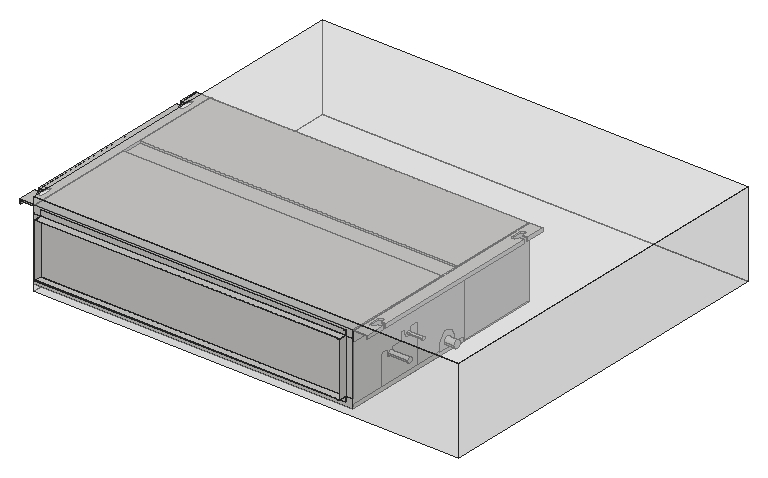
Revit family "outputfile", category 機械設備, Revit 2024
Family settings
  丸型コネクタ寸法 = 半径を使用
  パーツ タイプ = 標準
  OmniClass 番号 = 23.75.10.24.21.27.27
  OmniClass タイトル = Split System Air Conditioning Units
  作業面ベース = いいえ
  常に垂直 = はい
  ロード時にボイドで切り取り = いいえ
  注釈の向きを維持 = いいえ
  共有 = いいえ
  部屋計算ポイント = はい
Parameters (values of type "FDKS50CVMB")
  Description = ""
  書き出し IFC クラス(タイプ) = "IfcUnitaryEquipmentType"
  定義済み IFC タイプ(タイプ) = "AIRCONDITIONINGUNIT"
  Cost = 0
  Type Comments = ""
  Keynote = ""
  Type Image = (empty or 0)
  Assembly Code = ""
  switch_frequency = yes
  ld_powersupply = Depth / 2  # 310.0 mm
  製造元 = "Daikin"
  モデル = "FDKS50CVMB"
  r_Liquid Pipe Size = Liquid Pipe Size / 2  # 3.2 mm
  r_Gas Pipe Size = Gas Pipe Size / 2  # 6.35 mm
  r_Drain Pipe Size = Drain Pipe Size / 2  # 10.0 mm
  lw_powersupply = 50.0 mm  # constant formula
  lw_ductflange2 = 820.0 mm
  lw_Width = 860.0 mm
  lh_suctionflange [instance] = 100.0 mm  # constant formula
  ld_suctionflange [instance] = if(Rear Connection_Return Air, 190.0 mm, 100.0 mm)  # 190.0 mm
  connector_voltage = Voltage_50Hz  # 230 V
  connector_powerinput = [Power Input (Cooling)]  # 0.000 kW
  connector_phase = Phase_50Hz  # 1
  angle_vertical_RA [instance] = if(Rear Connection_Return Air, 90.00°, 0.00°)  # 90.00°
  angle horizontal_RA [instance] = if(Rear Connection_Return Air, 180.00°, 270.00°)  # 180.00°
  Voltage_comment_50Hz = "220 - 240"
  Voltage_50Hz = 230 V
  URL = ""
  Supply Air Direction [instance] = yes
  Sound Power Level_H speed (dB) = 0
  Rear Connection_Return Air [instance] = not(Bottom Connection_Return Air)  # yes
  RA_length [instance] = if(Rear Connection_Return Air, 190.0 mm, 100.0 mm)  # 190.0 mm
  Phase_50Hz = 1
  Minimum External Static Pressure = 0.00 Pa
  Minimum Circuit Amps_50Hz = 0.0 A
  Maximum Fuse Amps_50Hz = 0.0 A
  Maximum External Static Pressure = 40.00 Pa
  Material_Casing = DAIKIN_GalvanizedSteel_Casing_indoorunit
  lw_liquidpipe = 46.0 mm  # constant formula
  lw_gaspipe = 57.0 mm  # constant formula
  lw_mountinghole = 940.0 mm
  lw_drainpipe = 30.0 mm  # constant formula
  lh_powersupply = 150.0 mm  # constant formula
  lh_liquidpipe = 90.0 mm  # constant formula
  lh_gaspipe = 113.0 mm  # constant formula
  lh_mountinghole = Height  # 200.0 mm
  lh_drainpipe = 170.0 mm  # constant formula
  lh_antena = 1.0 mm  # constant formula
  ld_liquidpipe = 193.0 mm  # constant formula
  ld_gaspipe = 130.0 mm  # constant formula
  ld_mountinghole = 500.0 mm  # constant formula
  ld_drainpipe = 330.0 mm  # constant formula
  ld_controlbox = 626.0 mm  # constant formula
  h*** = 0.0 mm  # constant formula
  d_dischargeflange = 21.2 mm  # constant formula
  Width = 900.0 mm
  Version = "ver.1.0"
  Unit Type = "Duct (L.S.P)"
  Unit Mass Weight = 27.00 kg
  Unit Designation [instance] = ""
  Uniclass2015Version = "Products v1.30"
  Uniclass2015Title = "Split coil room air conditioning units"
  Uniclass2015Code = "Pr_70_65_03_86"
  Total Cooling Capacity [instance] = 0.000 kW
  Sound Pressure Level_M speed (dBA) = 35
  Sound Pressure Level_L speed (dBA) = 33
  Sound Pressure Level_H speed (dBA) = 37
  Series = "Multi Split_Fan Coil Unit"
  Sensible Cooling Capacity [instance] = 0.000 kW
  SA Duct Size Width = 860.0 mm
  SA Duct Size Height = 153.0 mm
  Refrigerant Type = "R410A"
  RA Duct Size Width = 780.0 mm
  RA Duct Size Height = 160.0 mm
  Power Input (Cooling) = 0.000 kW
  Option Accessory 3 [instance] = ""
  Option Accessory 2 [instance] = ""
  Option Accessory 1 [instance] = ""
  Nominal Cooling Capacity = 5.000 kW
  Minimum Airflow = 600.00 m³/h
  Median Airflow = 660.00 m³/h
  Maximum Airflow = 720.00 m³/h
  Load Classification = HVAC
  Liquid Pipe Size = 6.4 mm
  Link_Nested Family [instance] = ""
  IfcVersion = ""
  IfcExportType = "AIRCONDITIONINGUNIT"
  IfcExportAs = "IfcUnitaryEquipmentType"
  Height = 200.0 mm
  Heat Exchanger Type = "Cross Fin Coil"
  Gas Pipe Size = 12.7 mm
  Frequency_50Hz = 50 Hz
  Fan Type = "Sirocco Fan"
  Fan Drive = "Direct Drive"
  FCU Tag No. [instance] = ""
  Drain Pipe Size = 20.0 mm
  Design Supply Airflow [instance] = 0.00 m³/h
  Design Return Airflow [instance] = 0.00 m³/h
  Design External Static Pressure [instance] = 0.00 Pa
  Depth = 620.0 mm
  既定の高さ = 0.0 mm
  Cooling Entering Wet Bulb Temperature [instance] = 0.00 °C
  Cooling Entering Dry Bulb Temperature [instance] = 0.00 °C
  Cooling Ambient Wet Bulb Temperature [instance] = 0.00 °C
  Cooling Ambient Dry Bulb Temperature [instance] = 0.00 °C
  Clearance visibility [instance] = yes
  Clearance Top = 20.0 mm
  Clearance Right = 300.0 mm
  Clearance Rear = 400.0 mm
  Clearance Left = 0.0 mm
  Clearance Front = 0.0 mm
  Clearance Bottom = 20.0 mm
  Bottom Connection_Return Air [instance] = no
Reference planes
  plane 1 "Center (Front/Back)": y = 0
  plane 2: z = 0
  plane 3 "Center (Left/Right)": x = 0
  plane 4 "Back": y = 310
  plane 5 "Front": y = -310
  plane 6 "Left": x = -450
  plane 7 "Right": x = 450
  plane 8 "Top": z = 0
  plane 9 "Bottom": z = -200
  plane 10: x = -470
  plane 11: x = 470
  plane 12: y = 250
  plane 13: z = 0
  plane 14 "Clearance Left": x = -450
  plane 15 "Clearance Right": x = 750
  plane 16 "Clearance Rear": y = 710
  plane 17 "Clearance Front": y = -310
  plane 18 "Clearance Top": z = 20
  plane 19 "Clearance Bottom": z = -220
  plane 20: y = -250
  plane 21: z = -21
  plane 22: z = -97.5
  plane 23: x = -40
  plane 24: y = 120
  plane 25: z = -100
  plane 26: y = -180
  plane 27: z = -113
  plane 28: y = -117
  plane 29: z = -90
  plane 30: y = 20
  plane 31: z = -170
  plane 32: x = 507
  plane 33: x = 496
  plane 34: x = 480
  plane 35: x = 400
  plane 36: z = -150
Forms (mm)
  Extrusion 1, solid, material "DAIKIN_GalvanizedSteel_Casing_indoorunit" <- "Material_Casing"
    sketch origin (0, 0, 0) x (1, 0, 0) y (0, 1, 0)
      loop
        line (-450, -310) -> (450, -310) -> (450, 310) -> (-450, 310) -> (-450, -310)
    from -200 to 0
  Extrusion 2, void
    sketch origin (0, 0, 1) x (1, 0, 0) y (0, 1, 0)
      loop
        line (-450, 61.5) -> (-450, 3.5) -> (450, 3.5) -> (450, 61.5) -> (-450, 61.5)
    from -1 to -7
  Extrusion 3, solid, material "DAIKIN_GalvanizedSteel_Casing_indoorunit" <- "Material_Casing", visible <- "Bottom Connection_Return Air"
    sketch origin (0, 0, 0) x (1, 0, 0) y (0, 0, 1)
      loop
        line (369, -200) -> (369, -1) -> (-449, -1) -> (-449, -200) -> (369, -200)
    from -310 to -309
  Extrusion 4, solid, material "DAIKIN_GalvanizedSteel_Casing_indoorunit" <- "Material_Casing", visible <- "Rear Connection_Return Air"
    sketch origin (0, 0, 0) x (1, 0, 0) y (0, 1, 0)
      loop
        line (-449, 310) -> (-449, 111) -> (369, 111) -> (369, 310) -> (-449, 310)
    from -200 to -199
  Extrusion 5, solid, material "DAIKIN_GalvanizedSteel_Casing_indoorunit" <- "Material_Casing"
    sketch origin (450, 0, 0) x (0, 1, 0) y (0, 0, 1)
      loop
        circle (-180, -113) r 6.35
    from 0 to 57
  Extrusion 6, solid, material "DAIKIN_GalvanizedSteel_Casing_indoorunit" <- "Material_Casing"
    sketch origin (450, 0, 0) x (0, 1, 0) y (0, 0, 1)
      loop
        circle (-117, -90) r 3.2
    from 0 to 46
  Extrusion 7, solid, material "DAIKIN_GalvanizedSteel_Casing_indoorunit" <- "Material_Casing"
    sketch origin (450, 0, 0) x (0, 1, 0) y (0, 0, 1)
      loop
        circle (20, -170) r 10
    from 0 to 30
  Extrusion 8, solid, material "DAIKIN_GalvanizedSteel_Casing_indoorunit" <- "Material_Casing"
    sketch origin (450, 0, 0) x (0, 1, 0) y (0, 0, 1)
      loop
        line (-310, -200) -> (78.6, -200) -> (78.6, -193)
        arc (78.6, -193) -> (77.721, -190.879) -> (75.6, -190) r 3
        line (75.6, -190) -> (-310, -190) -> (-310, -200)
    from 0 to -1
  Extrusion 9, solid, material "DAIKIN_GalvanizedSteel_Casing_indoorunit" <- "Material_Casing"
    sketch origin (450, 0, 0) x (0, 1, 0) y (0, 0, 1)
      loop
        line (-210, -190) -> (-85.6, -190) -> (-85.6, -83)
        arc (-85.6, -83) -> (-86.479, -80.879) -> (-88.6, -80) r 3
        line (-88.6, -80) -> (-102, -80)
        arc (-102, -80) -> (-104.121, -80.879) -> (-105, -83) r 3
        line (-105, -83) -> (-105, -90)
        arc (-105, -90) -> (-117, -102) -> (-129, -90) r 12
        line (-129, -90) -> (-129, -83)
        arc (-129, -83) -> (-129.879, -80.879) -> (-132, -80) r 3
        line (-132, -80) -> (-136.1, -80)
        arc (-136.1, -80) -> (-138.221, -80.879) -> (-139.1, -83) r 3
        line (-139.1, -83) -> (-139.1, -102.7) -> (-165, -102.7)
        arc (-165, -102.7) -> (-167.121, -103.579) -> (-168, -105.7) r 3
        line (-168, -105.7) -> (-168, -113)
        arc (-168, -113) -> (-180, -125) -> (-192, -113) r 12
        line (-192, -113) -> (-192, -105.7)
        arc (-192, -105.7) -> (-192.879, -103.579) -> (-195, -102.7) r 3
        line (-195, -102.7) -> (-207, -102.7)
        arc (-207, -102.7) -> (-209.121, -103.579) -> (-210, -105.7) r 3
        line (-210, -105.7) -> (-210, -190)
    from 0 to -1
  Extrusion 10, solid, material "DAIKIN_GalvanizedSteel_Casing_indoorunit" <- "Material_Casing"
    sketch origin (450, 0, 0) x (0, 1, 0) y (0, 0, 1)
      loop
        arc (44.5, -170) -> (20, -145.5) -> (-4.5, -170) r 24.5
        line (-4.5, -170) -> (-4.5, -190) -> (44.5, -190) -> (44.5, -170)
    from 0 to -1
  Extrusion 11, solid, material "DAIKIN_GalvanizedSteel_Casing_indoorunit" <- "Material_Casing"
    sketch origin (450, 0, 0) x (0, 1, 0) y (0, 0, 1)
      loop
        arc (86.6, -22) -> (84.479, -22.879) -> (83.6, -25) r 3
        line (83.6, -25) -> (83.6, -194.5)
        arc (83.6, -194.5) -> (84.479, -196.621) -> (86.6, -197.5) r 3
        line (86.6, -197.5) -> (307, -197.5)
        arc (307, -197.5) -> (309.121, -196.621) -> (310, -194.5) r 3
        line (310, -194.5) -> (310, -25)
        arc (310, -25) -> (309.121, -22.879) -> (307, -22) r 3
        line (307, -22) -> (86.6, -22)
    from 0 to -1
Cuts and joins
  Extrusion 2 cuts Extrusion 1
Dimensions and locks
  "Height": plane 8 "Top" to plane 9 "Bottom"
  equal spacing: plane 10, plane 3 "Center (Left/Right)", plane 11
  "lw_mountinghole": plane 10 to plane 11
  equal spacing: plane 6 "Left", plane 3 "Center (Left/Right)", plane 7 "Right"
  "Width": plane 6 "Left" to plane 7 "Right"
  "Clearance Right": plane 7 "Right" to plane 15 "Clearance Right"
  "Clearance Left": plane 14 "Clearance Left" to plane 6 "Left"
  "Clearance Rear": plane 16 "Clearance Rear" to plane 4 "Back"
  "Clearance Front": plane 5 "Front" to plane 17 "Clearance Front"
  "Clearance Top": plane 18 "Clearance Top" to plane 8 "Top"
  "Clearance Bottom": plane 9 "Bottom" to plane 19 "Clearance Bottom"
  "Depth": plane 4 "Back" to plane 5 "Front"
  equal spacing: plane 4 "Back", plane 1 "Center (Front/Back)", plane 5 "Front"
  Extrusion 3 sketch curve to Extrusion 3 sketch curve = 199.0 mm
  locked: plane 20 to plane 5 "Front" at 60
  "ld_mountinghole": plane 12 to plane 20
  locked: plane 8 "Top" to plane 21 at 21
  locked: plane 23 to plane 3 "Center (Left/Right)" at 40
  "ld_suctionflange": plane 4 "Back" to plane 24
  "lh_suctionflange": plane 8 "Top" to plane 25
  "ld_gaspipe": plane 26 to plane 5 "Front"
  "lh_gaspipe": plane 8 "Top" to plane 27
  "ld_liquidpipe": plane 28 to plane 5 "Front"
  "lh_liquidpipe": plane 8 "Top" to plane 29
  "ld_drainpipe": plane 30 to plane 5 "Front"
  "lh_drainpipe": plane 8 "Top" to plane 31
  "lw_gaspipe": plane 7 "Right" to plane 32
  "lw_liquidpipe": plane 7 "Right" to plane 33
  "lw_drainpipe": plane 7 "Right" to plane 34
  "lw_powersupply": plane 35 to plane 7 "Right"
  "lh_powersupply": plane 8 "Top" to plane 36
  "r_Gas Pipe Size": radius of Extrusion 5 sketch curve
  "r_Liquid Pipe Size": radius of Extrusion 6 sketch curve
  "r_Drain Pipe Size": radius of Extrusion 7 sketch curve
  aligned and locked: level to plane 2
  aligned and locked: Extrusion 1 to plane 9 "Bottom"
  aligned and locked: plane 8 "Top" to Extrusion 1
  aligned and locked: plane 11 to nested 2
  aligned and locked: plane 10 to nested 3
  aligned and locked: plane 10 to nested 4
  aligned and locked: plane 8 "Top" to Extrusion 2
  aligned and locked: plane 9 "Bottom" to Extrusion 4  (x2)
  aligned and locked: plane 7 "Right" to cut or joined group of Extrusion 1, Extrusion 2  (x2)
  aligned and locked: plane 3 "Center (Left/Right)" to nested 9
  aligned and locked: plane 6 "Left" to nested 7
  aligned and locked: plane 8 "Top" to nested 9
  aligned and locked: plane 11 to nested 1
  aligned and locked: nested 6 to plane 1 "Center (Front/Back)"
  aligned and locked: plane 3 "Center (Left/Right)" to nested 6
  aligned and locked: level to plane 8 "Top"
  aligned and locked: plane 1 "Center (Front/Back)" to nested 9
  aligned and locked: plane 5 "Front" to nested 10
  aligned and locked: Extrusion 1 sketch curve to plane 5 "Front"
  aligned and locked: plane 21 to nested 10
  aligned and locked: nested 5 to plane 5 "Front"
  aligned and locked: plane 3 "Center (Left/Right)" to nested 5
  aligned and locked: plane 22 to nested 5
  aligned and locked: Extrusion 2 sketch curve to plane 6 "Left"
  aligned and locked: plane 7 "Right" to Extrusion 2 sketch curve
  aligned and locked: nested 11 to plane 23
  aligned and locked: nested 11 to plane 24
  aligned and locked: plane 27 to Extrusion 5 sketch curve
  aligned and locked: plane 26 to Extrusion 5 sketch curve
  aligned and locked: plane 28 to Extrusion 6 sketch curve
  aligned and locked: plane 29 to Extrusion 6 sketch curve
  aligned and locked: plane 31 to Extrusion 7 sketch curve
  aligned and locked: plane 30 to Extrusion 7 sketch curve
  aligned and locked: plane 26 to nested 12
  aligned and locked: nested 12 to plane 27
  aligned and locked: plane 32 to Extrusion 5
  aligned and locked: plane 32 to nested 12
  aligned and locked: plane 33 to Extrusion 6
  aligned and locked: plane 28 to nested 13
  aligned and locked: nested 13 to plane 29
  aligned and locked: plane 33 to nested 13
  aligned and locked: plane 34 to Extrusion 7
  aligned and locked: plane 30 to nested 14
  aligned and locked: nested 14 to plane 31
  aligned and locked: plane 34 to nested 14
  aligned and locked: Extrusion 8 sketch curve to plane 9 "Bottom"
  aligned and locked: Extrusion 8 sketch curve to plane 5 "Front"
  aligned and locked: plane 14 "Clearance Left" to nested 15
  aligned and locked: plane 15 "Clearance Right" to nested 15
  aligned and locked: plane 16 "Clearance Rear" to nested 15
  aligned and locked: nested 15 to plane 17 "Clearance Front"
  aligned and locked: nested 15 to plane 18 "Clearance Top"
  aligned and locked: nested 15 to plane 19 "Clearance Bottom"
  aligned and locked: nested 16 to plane 35
  aligned and locked: nested 16 to plane 36
  aligned and locked: plane 4 "Back" to nested 16
Automatic sketch dimensions
  Extrusion 1 sketch curve to plane 4 "Back" = 0.0 mm
  Extrusion 1 sketch curve to plane 6 "Left" = 0.0 mm
  Extrusion 1 sketch curve to plane 7 "Right" = 0.0 mm
  Extrusion 4 sketch curve to plane 4 "Back" = 0.0 mm
  plane 6 "Left" to Extrusion 3 sketch curve = 1.0 mm
  plane 6 "Left" to Extrusion 4 sketch curve = 1.0 mm
  Extrusion 4 sketch curve to plane 1 "Center (Front/Back)" = 111.0 mm
  Extrusion 3 sketch curve to plane 9 "Bottom" = 0.0 mm
  Extrusion 3 sketch curve to plane 7 "Right" = 81.0 mm
  Extrusion 4 sketch curve to plane 7 "Right" = 81.0 mm
  Extrusion 2 sketch curve to plane 1 "Center (Front/Back)" = 3.5 mm
  Extrusion 2 sketch curve to Extrusion 2 sketch curve = 58.0 mm
  plane 9 "Bottom" to Extrusion 8 sketch curve = 7.0 mm
  Extrusion 8 sketch curve to plane 24 = 44.4 mm
  Extrusion 8 sketch curve to Extrusion 8 sketch curve = 3.0 mm
  Extrusion 9 sketch curve to plane 27 = 0.0 mm
  Extrusion 9 sketch curve to plane 26 = 0.0 mm
  Extrusion 9 sketch curve to plane 29 = 0.0 mm
  Extrusion 9 sketch curve to plane 28 = 0.0 mm
  Extrusion 9 sketch curve to plane 26 = 12.0 mm
  Extrusion 9 sketch curve to plane 25 = 2.7 mm  (x2)
  Extrusion 9 sketch curve to Extrusion 9 sketch curve = 3.0 mm  (x6)
  Extrusion 9 sketch curve to Extrusion 9 sketch curve = 12.0 mm
  plane 9 "Bottom" to Extrusion 9 sketch curve = 10.0 mm
  Extrusion 9 sketch curve to plane 26 = 30.0 mm
  Extrusion 9 sketch curve to plane 28 = 22.1 mm
  Extrusion 9 sketch curve to Extrusion 9 sketch curve = 4.1 mm
  plane 29 to Extrusion 9 sketch curve = 7.0 mm  (x2)
  Extrusion 9 sketch curve to Extrusion 9 sketch curve = 13.4 mm
  Extrusion 10 sketch curve to plane 30 = 0.0 mm
  Extrusion 10 sketch curve to plane 31 = 0.0 mm
  plane 1 "Center (Front/Back)" to Extrusion 10 sketch curve = 4.5 mm
  plane 9 "Bottom" to Extrusion 10 sketch curve = 10.0 mm
  Extrusion 11 sketch curve to plane 4 "Back" = 0.0 mm
  Extrusion 11 sketch curve to Extrusion 11 sketch curve = 3.0 mm  (x3)
  Extrusion 11 sketch curve to plane 21 = 1.0 mm
  Extrusion 11 sketch curve to plane 21 = 4.0 mm
  Extrusion 11 sketch curve to plane 24 = 33.4 mm
  plane 9 "Bottom" to Extrusion 11 sketch curve = 5.5 mm
Nested families
  nested 1: "daikin_mountinghole" at (470, 250, -200), l_antenna <- "lh_antena", Link_Nested Family <- "Link_Nested Family", h_mountinghole <- "lh_mountinghole", type "daikin_mountinghole"
    with show yes, l_antenna 1.0 mm, h_mountinghole 200.0 mm, Link_Nested Family ""
  nested 2: "daikin_mountinghole" at (470, -250, -200), Link_Nested Family <- "Link_Nested Family", l_antenna <- "lh_antena", h_mountinghole <- "lh_mountinghole", type "daikin_mountinghole"
    with show yes, l_antenna 1.0 mm, h_mountinghole 200.0 mm, Link_Nested Family ""
  nested 3: "daikin_mountinghole" at (-470, -250, -200), l_antenna <- "lh_antena", Link_Nested Family <- "Link_Nested Family", h_mountinghole <- "lh_mountinghole", type "daikin_mountinghole"
    with show yes, l_antenna 1.0 mm, h_mountinghole 200.0 mm, Link_Nested Family ""
  nested 4: "daikin_mountinghole" at (-470, 250, -200), l_antenna <- "lh_antena", Link_Nested Family <- "Link_Nested Family", h_mountinghole <- "lh_mountinghole", type "daikin_mountinghole"
    with show yes, l_antenna 1.0 mm, h_mountinghole 200.0 mm, Link_Nested Family ""
  nested 5: "daikin_connector_rotate2" at (0, -310, -97.5), length <- "d_dischargeflange", type "daikin_connector_rotate2"
    with radius 10.0 mm, length 21.2 mm, angle_vertical 90.00°, show_face no
  nested 6: "daikin_△_symbolicline" at (-75, -129.904, 200) x (-0.5, 0.866, 0) z (0, 0, 1), built-in parameter 1001364 <- "Height", visible <- "Supply Air Direction", type "daikin_△_symbolicline"
    with length 300.0 mm
  nested 7: "daikin_ductflange_FDKS-CVMB_1" at (-40, 310, -100), visible <- "Rear Connection_Return Air", material <- "Material_Casing", width <- "lw_ductflange2", type "daikin_ductflange_FDKS-CVMB_1"
    with width 820.0 mm, material DAIKIN_GalvanizedSteel_Casing_indoorunit, height 180.0 mm, depth 21.2 mm
  nested 8: "daikin_ductflange_FDKS-CVMB_1" at (-40, 210, -200) x (1, 0, 0) z (0, 1, 0), visible <- "Bottom Connection_Return Air", material <- "Material_Casing", width <- "lw_ductflange2", type "daikin_ductflange_FDKS-CVMB_1"
    with width 820.0 mm, material DAIKIN_GalvanizedSteel_Casing_indoorunit, height 180.0 mm, depth 21.2 mm
  nested 9: "daikin_hangerfixture_FDKS-CVMB" at (0, 0, 0), type "daikin_hangerfixture_FDKS-CVMB"
    with width 900.0 mm
  nested 10: "daikin_ductflange_FDKS-CVMB" at (0, 3.5, -364.201), width <- "lw_Width", material <- "Material_Casing", type "daikin_ductflange_FDKS-CVMB"
    with width 860.0 mm, material DAIKIN_GalvanizedSteel_Casing_indoorunit, height 155.0 mm, depth 21.2 mm
  nested 11: "daikin_connector_rotate3" at (-40, 120, -100), length <- "RA_length", angle_vertical <- "angle_vertical_RA", angle_horizontal <- "angle horizontal_RA", type "daikin_connector_rotate3"
    with show no, radius 10.0 mm, length 190.0 mm, angle_vertical 90.00°, angle_horizontal 180.00°
  nested 12: "daikin_connector_rotate2" at (450, -180, -113) x (0, 1, 0) z (0, 0, 1), length <- "lw_gaspipe", radius <- "r_Gas Pipe Size", type "daikin_connector_rotate2"
    with radius 6.35 mm, length 57.0 mm, angle_vertical 90.00°, show_face no
  nested 13: "daikin_connector_rotate2" at (450, -117, -90) x (0, 1, 0) z (0, 0, 1), radius <- "r_Liquid Pipe Size", length <- "lw_liquidpipe", type "daikin_connector_rotate2"
    with radius 3.2 mm, length 46.0 mm, angle_vertical 90.00°, show_face no
  nested 14: "daikin_connector_rotate2" at (450, 20, -170) x (0, 1, 0) z (0, 0, 1), radius <- "r_Drain Pipe Size", length <- "lw_drainpipe", type "daikin_connector_rotate2"
    with radius 10.0 mm, length 30.0 mm, angle_vertical 90.00°, show_face no
  nested 15: "daikin_clearancespace" at (150, 200, -99.881), visible <- "Clearance visibility", Link_Nested Family <- "Link_Nested Family", show <- "Clearance visibility", type "daikin_clearancespace"
    with width 1200.0 mm, show yes, height 240.0 mm, depth 1020.0 mm, Link_Nested Family ""
  nested 16: "daikin_connector_rotate2" at (400, 0, -150) x (-1, 0, 0) z (0, 0, 1), length <- "ld_powersupply", type "daikin_connector_rotate2"
    with radius 10.0 mm, length 310.0 mm, angle_vertical 90.00°, show_face no
Connectors
  hvac at (0, -331.2, -97.5), driven by "SA Duct Size Height", driven by "SA Duct Size Width"
    settings: on nested 5, index 1, duct flow 0.00 m³/h, flow factor 0, pres drop 0.00 Pa, loss coef 0, conn angle 0.00°, conn width 860.0 mm, conn height 153.0 mm, conn diameter 609.6 mm, duct sys type 1, conn prof type 1, flow config 0, flow direction 2, loss method 4, conn ref index -1, conn util no, is conn primary yes, conn desc "SA Duct"
  hvac at (-40, 310, -100), driven by "RA Duct Size Height", driven by "RA Duct Size Width"
    settings: on nested 11, index 2, duct flow 0.00 m³/h, flow factor 0, pres drop 0.00 Pa, loss coef 0, conn angle 0.00°, conn width 780.0 mm, conn height 160.0 mm, conn diameter 609.6 mm, duct sys type 2, conn prof type 1, flow config 0, flow direction 1, loss method 4, conn ref index -1, conn util no, is conn primary no, conn desc "RA Duct"
  piping at (507, -180, -113), diameter 12.7, driven by "r_Gas Pipe Size"
    settings: on nested 12, index 3, connector inside diameter 609.6 mm, connector length 0.0 mm, flow factor 0, pipe flow 0.00 m³/h, pressure drop 0.0 Pa, fitting loss kfactor 0, connector angle 0.00°, fixture units 0, engagement length 0.0 mm, angle of deflection 0.00°, flow configuration 1, flow direction 2, fitting loss method 0, system type 29, joint type 0, gender type 0, connector reference index -1, connector utility 0, adjustable connector no, is connector primary yes, connector description "Refrigerant Gas Piping"
  piping at (496, -117, -90), diameter 6.4, driven by "r_Liquid Pipe Size"
    settings: on nested 13, index 4, connector inside diameter 609.6 mm, connector length 0.0 mm, flow factor 0, pipe flow 0.00 m³/h, pressure drop 0.0 Pa, fitting loss kfactor 0, connector angle 0.00°, fixture units 0, engagement length 0.0 mm, angle of deflection 0.00°, flow configuration 1, flow direction 1, fitting loss method 0, system type 29, joint type 0, gender type 0, connector reference index -1, connector utility 0, adjustable connector no, is connector primary no, connector description "Refrigerant Liquid Piping"
  piping at (480, 20, -170), diameter 20, driven by "r_Drain Pipe Size"
    settings: on nested 14, index 5, connector inside diameter 609.6 mm, connector length 0.0 mm, flow factor 0, pipe flow 0.00 m³/h, pressure drop 0.0 Pa, fitting loss kfactor 0, connector angle 0.00°, fixture units 0, engagement length 0.0 mm, angle of deflection 0.00°, flow configuration 1, flow direction 2, fitting loss method 4, system type 16, joint type 0, gender type 0, connector reference index -1, connector utility 0, adjustable connector no, is connector primary no, connector description "Condensate Drain Piping"
  electrical at (400, 310, -150), driven by "Load Classification", driven by "connector_phase", driven by "connector_voltage", driven by "connector_powerinput"
    settings: on nested 16, index 6, voltage 230 V, apparent load 0 VA, apparent load phase1 0 VA, apparent load phase2 0 VA, apparent load phase3 0 VA, power factor 1, load classification "HVAC", number of poles 1, system type 30, power factor state 1, is connector primary yes, connector utility no, sub classification motor no, connector description "Power Supply"
Definition of nested family "daikin_ductflange_FDKS-CVMB_1"
  Parameters (values of type "daikin_ductflange_FDKS-CVMB_1")
    width [instance] = 620.0 mm
    material [instance] = none
    height [instance] = 180.0 mm
    depth [instance] = 21.2 mm
    Default Elevation = 0.0 mm
  Reference planes
    plane 1 "Center (Front/Back)": y = 0
    plane 2: z = 0
    plane 3 "Center (Left/Right)": x = 0
    plane 4: x = -310
    plane 5: x = 310
    plane 6: z = 90
    plane 7: z = -90
    plane 8: z = 100
    plane 9: z = -100
    plane 10: x = -309
    plane 11: x = 309
  Forms (mm)
    Extrusion 1, solid, material <- "material"
      sketch origin (0, 0, 0) x (1, 0, 0) y (0, 0, 1)
        loop
          line (-290, 80) -> (-290, -80) -> (290, -80) -> (290, 80) -> (-290, 80)
        loop
          line (-309, -99) -> (309, -99) -> (309, 99) -> (-309, 99) -> (-309, -99)
      from 0 to 1
  Dimensions and locks
    equal spacing: plane 5, plane 3 "Center (Left/Right)", plane 4, locked at 310 each
    "width": plane 5 to plane 4
    equal spacing: plane 6, level, plane 7, locked at 90 each
    "height": plane 6 to plane 7
    equal spacing: plane 8, level, plane 9, locked at 100 each
    locked: plane 8 to plane 9 at 200
    plane 10 to plane 4 = 1.0 mm
    locked: plane 5 to plane 11 at 1
    locked: Extrusion 1 sketch curve to Extrusion 1 sketch curve at 19  (x4)
    locked: plane 8 to Extrusion 1 sketch curve at 1
    locked: Extrusion 1 sketch curve to plane 9 at 1
    aligned and locked: level to plane 2
  Automatic sketch dimensions
    plane 4 to Extrusion 1 sketch curve = 1.0 mm
    Extrusion 1 sketch curve to plane 5 = 1.0 mm
Definition of nested family "daikin_hangerfixture_FDKS-CVMB"
  Parameters (values of type "daikin_hangerfixture_CDKS-EAVMA")
    width = 700.0 mm
    material = none
    height = 30.0 mm
    depth = 618.0 mm
    Default Elevation = 0.0 mm
  Reference planes
    plane 1 "Center (Front/Back)": y = 0
    plane 2: z = 0
    plane 3 "Center (Left/Right)": x = 0
    plane 4: x = 350
    plane 5: y = 309
    plane 6: y = -309
    plane 7: x = -350
    plane 8: z = -30
  Forms (mm)
    Extrusion 1, solid, material <- "material"
      sketch origin (0, 0, 0) x (1, 0, 0) y (0, 0, 1)
        loop
          line (350, 0) -> (350, -30) -> (352.3, -30) -> (352.3, -2.3) -> (387.7, -2.3) -> (387.7, -10) -> (390, -10) -> (390, 0) -> (350, 0)
      from -309 to 309
    Extrusion 2, void
      sketch origin (0, 0, 0) x (0, 1, 0) y (0, 0, 1)
        loop
          line (309, -30) -> (309, -17.979) -> (87.935, -17.979) -> (75.914, -30) -> (309, -30)
      from 0 to 450
    Extrusion 3, void
      sketch origin (0, 0, 0) x (1, 0, 0) y (0, 1, 0)
        loop
          line (390, -243.5) -> (377, -243.5) -> (377, -237)
          arc (377, -237) -> (370, -230) -> (363, -237) r 7
          line (363, -237) -> (363, -263)
          arc (363, -263) -> (370, -270) -> (377, -263) r 7
          line (377, -263) -> (377, -256.5) -> (390, -256.5) -> (390, -243.5)
        loop
          line (390, 243.5) -> (390, 256.5) -> (377, 256.5) -> (377, 263)
          arc (377, 263) -> (370, 270) -> (363, 263) r 7
          line (363, 263) -> (363, 237)
          arc (363, 237) -> (370, 230) -> (377, 237) r 7
          line (377, 237) -> (377, 243.5) -> (390, 243.5)
      from -254.96 to 618
    Extrusion 4, solid, material <- "material"
      sketch origin (0, 0, 0) x (-1, 0, 0) y (0, 0, -1)
        loop
          line (350, 0) -> (390, 0) -> (390, 10) -> (387.7, 10) -> (387.7, 2.3) -> (352.3, 2.3) -> (352.3, 30) -> (350, 30) -> (350, 0)
      from -309 to 309
    Extrusion 5, void
      sketch origin (0, 0, 0) x (-1, 0, 0) y (0, -1, 0)
        loop
          line (390, 243.5) -> (390, 256.5) -> (377, 256.5) -> (377, 263)
          arc (377, 263) -> (370, 270) -> (363, 263) r 7
          line (363, 263) -> (363, 237)
          arc (363, 237) -> (370, 230) -> (377, 237) r 7
          line (377, 237) -> (377, 243.5) -> (390, 243.5)
        loop
          line (390, -243.5) -> (377, -243.5) -> (377, -237)
          arc (377, -237) -> (370, -230) -> (363, -237) r 7
          line (363, -237) -> (363, -263)
          arc (363, -263) -> (370, -270) -> (377, -263) r 7
          line (377, -263) -> (377, -256.5) -> (390, -256.5) -> (390, -243.5)
      from -254.96 to 618
  Cuts and joins
    Extrusion 2, Extrusion 3, Extrusion 5 cuts Extrusion 1
    Extrusion 5 cuts Extrusion 4
  Dimensions and locks
    equal spacing: plane 5, plane 1 "Center (Front/Back)", plane 6
    "depth": plane 5 to plane 6
    plane 6 to plane 1 "Center (Front/Back)" to plane 5 = 309.0 mm, 309.0 mm
    equal spacing: plane 4, plane 3 "Center (Left/Right)", plane 7
    "width": plane 4 to plane 7
    "height": level to plane 8
    aligned and locked: level to plane 2
    aligned and locked: plane 5 to Extrusion 1
    aligned and locked: Extrusion 1 to plane 6
    aligned and locked: Extrusion 1 to plane 4
    aligned and locked: plane 5 to cut or joined group of Extrusion 1, Extrusion 2, Extrusion 3, Extrusion 5
    aligned and locked: cut or joined group of Extrusion 1, Extrusion 2, Extrusion 3, Extrusion 5 to plane 6
    aligned and locked: level to cut or joined group of Extrusion 1, Extrusion 2, Extrusion 3, Extrusion 5
    aligned and locked: cut or joined group of Extrusion 1, Extrusion 2, Extrusion 3, Extrusion 5 to plane 8
    aligned and locked: plane 5 to cut or joined group of Extrusion 4, Extrusion 5
    aligned and locked: cut or joined group of Extrusion 4, Extrusion 5 to plane 6
  Automatic sketch dimensions
    Extrusion 1 sketch curve to plane 4 = 0.0 mm
    Extrusion 1 sketch curve to plane 8 = 0.0 mm
    Extrusion 1 sketch curve to level = 0.0 mm
    plane 4 to Extrusion 1 sketch curve = 2.3 mm
    Extrusion 1 sketch curve to level = 2.3 mm
    Extrusion 1 sketch curve to Extrusion 1 sketch curve = 35.4 mm
    Extrusion 1 sketch curve to Extrusion 1 sketch curve = 2.3 mm
    Extrusion 1 sketch curve to Extrusion 1 sketch curve = 7.7 mm
    Extrusion 2 sketch curve to plane 8 = 0.0 mm
    Extrusion 2 sketch curve to plane 5 = 0.0 mm
    plane 8 to Extrusion 2 sketch curve = 12.021 mm
    Extrusion 2 sketch curve to plane 1 "Center (Front/Back)" = 87.935 mm
    Extrusion 2 sketch curve to Extrusion 2 sketch curve = 12.021 mm
    plane 4 to Extrusion 3 sketch curve = 13.0 mm  (x2)
    Extrusion 3 sketch curve to Extrusion 3 sketch curve = 7.0 mm  (x4)
    Extrusion 3 sketch curve to Extrusion 3 sketch curve = 13.0 mm  (x4)
    plane 6 to Extrusion 3 sketch curve = 46.0 mm
    Extrusion 3 sketch curve to Extrusion 3 sketch curve = 6.5 mm  (x4)
    Extrusion 3 sketch curve to plane 5 = 72.0 mm
    Extrusion 4 sketch curve to plane 7 = 0.0 mm
    Extrusion 4 sketch curve to plane 8 = 0.0 mm
    Extrusion 4 sketch curve to level = 0.0 mm
    Extrusion 4 sketch curve to plane 7 = 2.3 mm
    Extrusion 4 sketch curve to level = 2.3 mm
    Extrusion 4 sketch curve to Extrusion 4 sketch curve = 35.4 mm
    Extrusion 4 sketch curve to Extrusion 4 sketch curve = 2.3 mm
    Extrusion 4 sketch curve to Extrusion 4 sketch curve = 7.7 mm
    Extrusion 5 sketch curve to plane 7 = 13.0 mm  (x2)
    Extrusion 5 sketch curve to Extrusion 5 sketch curve = 7.0 mm  (x4)
    Extrusion 5 sketch curve to Extrusion 5 sketch curve = 13.0 mm  (x4)
    Extrusion 5 sketch curve to plane 5 = 46.0 mm
    Extrusion 5 sketch curve to Extrusion 5 sketch curve = 6.5 mm  (x4)
    plane 6 to Extrusion 5 sketch curve = 72.0 mm
Definition of nested family "daikin_ductflange_FDKS-CVMB"
  Parameters (values of type "daikin_ductflange_FXDQ-NDVET")
    width [instance] = 660.0 mm
    material [instance] = none
    height [instance] = 155.0 mm
    depth [instance] = 21.2 mm
    Default Elevation = 0.0 mm
  Reference planes
    plane 1 "Center (Front/Back)": y = 0
    plane 2: z = 189.201
    plane 3 "Center (Left/Right)": x = 0
    plane 4: y = -313.5
    plane 5: x = -330
    plane 6: x = 330
    plane 7: y = -334.7
    plane 8: z = 344.201
    plane 9: z = 266.701
    plane 10: z = 343.201
    plane 11: z = 190.201
  Forms (mm)
    Extrusion 1, solid, material <- "material"
      sketch origin (0, 0, 189.201) x (1, 0, 0) y (0, 1, 0)
        loop
          line (-330, -334.7) -> (-330, -313.5) -> (-350, -313.5) -> (-350, -314.5) -> (-331, -314.5) -> (-331, -334.7) -> (-330, -334.7)
        loop
          line (330, -334.7) -> (331, -334.7) -> (331, -314.5) -> (350, -314.5) -> (350, -313.5) -> (330, -313.5) -> (330, -334.7)
      from 1 to 154
    Extrusion 2, solid, material <- "material"
      sketch origin (0, 0, 0) x (0, 1, 0) y (0, 0, 1)
        loop
          line (-313.5, 343.201) -> (-313.5, 358.201) -> (-314.5, 358.201) -> (-314.5, 344.201) -> (-334.7, 344.201) -> (-334.7, 343.201) -> (-313.5, 343.201)
        loop
          line (-313.5, 190.201) -> (-334.7, 190.201) -> (-334.7, 189.201) -> (-314.5, 189.201) -> (-314.5, 175.201) -> (-313.5, 175.201) -> (-313.5, 190.201)
      from -330 to 330
  Dimensions and locks
    plane 4 to plane 1 "Center (Front/Back)" = 313.5 mm
    "depth": plane 7 to plane 4
    equal spacing: plane 8, plane 9, level
    "height": plane 8 to level
    equal spacing: plane 6, plane 3 "Center (Left/Right)", plane 5
    "width": plane 6 to plane 5
    locked: plane 8 to plane 10 at 1
    locked: plane 11 to level at 1
    locked: Extrusion 1 to Extrusion 2 sketch curve at 1
    locked: Extrusion 2 sketch curve to Extrusion 1 at 1
    plane 10 to plane 11 = 153.0 mm
    aligned and locked: level to plane 2
    aligned and locked: Extrusion 2 to plane 5
    aligned and locked: Extrusion 2 to plane 11
    aligned and locked: Extrusion 2 to plane 10
    aligned and locked: plane 6 to Extrusion 2
    aligned and locked: plane 5 to Extrusion 2  (x2)
    aligned and locked: plane 5 to Extrusion 1  (x2)
    aligned and locked: Extrusion 1 to plane 6
    aligned and locked: plane 6 to Extrusion 1
    aligned and locked: Extrusion 1 to plane 10
  Automatic sketch dimensions
    Extrusion 2 sketch curve to plane 7 = 0.0 mm  (x2)
    Extrusion 2 sketch curve to plane 4 = 0.0 mm  (x2)
    Extrusion 2 sketch curve to plane 11 = 0.0 mm
    Extrusion 2 sketch curve to plane 10 = 0.0 mm
    Extrusion 2 sketch curve to plane 4 = 1.0 mm  (x2)
    Extrusion 2 sketch curve to level = 14.0 mm
    plane 8 to Extrusion 2 sketch curve = 14.0 mm
    Extrusion 1 sketch curve to plane 4 = 0.0 mm  (x2)
    Extrusion 1 sketch curve to plane 7 = 0.0 mm  (x2)
    Extrusion 1 sketch curve to plane 5 = 0.0 mm
    Extrusion 1 sketch curve to plane 6 = 0.0 mm
    Extrusion 1 sketch curve to plane 5 = 1.0 mm
    Extrusion 1 sketch curve to Extrusion 1 sketch curve = 19.0 mm  (x2)
    Extrusion 1 sketch curve to Extrusion 1 sketch curve = 1.0 mm
    Extrusion 1 sketch curve to plane 4 = 1.0 mm  (x2)
Definition of nested family "daikin_clearancespace"
  Parameters (values of type "daikin_clearancespace")
    Description = "daikin_clearancespace"
    width [instance] = 1823.963 mm
    show [instance] = yes
    material = none
    height [instance] = 1359.762 mm
    depth [instance] = 880.0 mm
    Default Elevation = 0.0 mm
    Link_Nested Family [instance] = ""
  Reference planes
    plane 1 "Center (Front/Back)": y = 0
    plane 2 "Center (Elevation)": z = -0.119
    plane 3 "Center (Left/Right)": x = 0
    plane 4: y = 440
    plane 5: y = -440
    plane 6 "Right": x = 911.982
    plane 7 "Left": x = -911.982
    plane 8 "Top": z = 679.762
    plane 9 "Bottom": z = -680
  Forms (mm)
    Extrusion 1, solid, material <- "material", visible <- "show"
      sketch origin (0, 0, 0) x (1, 0, 0) y (0, 1, 0)
        loop
          line (-911.982, 440) -> (-911.982, -440) -> (911.982, -440) -> (911.982, 440) -> (-911.982, 440)
      from -680 to 679.762
  Lines and regions (mm)
    symbolic lines, visible <- "show"
      curve 1: line (911.982, 440, 0) -> (-911.982, 440, 0)
      curve 2: line (-911.982, 440, 0) -> (-911.982, -440, 0)
      curve 3: line (-911.982, -440, 0) -> (911.982, -440, 0)
      curve 4: line (911.982, -440, 0) -> (911.982, 440, 0)
      curve 5: line (911.982, 0, 679.762) -> (-911.982, 0, 679.762)
      curve 6: line (911.982, 0, -680) -> (911.982, 0, 679.762)
      curve 7: line (-911.982, 0, -680) -> (911.982, 0, -680)
      curve 8: line (-911.982, 0, 679.762) -> (-911.982, 0, -680)
      curve 9: line (0, 440, 679.762) -> (0, -440, 679.762)
      curve 10: line (0, -440, 679.762) -> (0, -440, -680)
      curve 11: line (0, 440, -680) -> (0, 440, 679.762)
      curve 12: line (0, -440, -680) -> (0, 440, -680)
  Dimensions and locks
    "width": plane 7 "Left" to plane 6 "Right"
    "depth": plane 4 to plane 5
    "height": plane 8 "Top" to plane 9 "Bottom"
    equal spacing: plane 7 "Left", plane 3 "Center (Left/Right)", plane 6 "Right"
    equal spacing: plane 4, plane 1 "Center (Front/Back)", plane 5
    equal spacing: plane 8 "Top", plane 2 "Center (Elevation)", plane 9 "Bottom"
    aligned and locked: level to plane 2 "Center (Elevation)"
    aligned and locked: Extrusion 1 sketch curve to plane 4
    aligned and locked: plane 7 "Left" to Extrusion 1 sketch curve
    aligned and locked: Extrusion 1 sketch curve to plane 5
    aligned and locked: Extrusion 1 sketch curve to plane 6 "Right"
    aligned and locked: plane 8 "Top" to Extrusion 1
    aligned and locked: curve 1 to Extrusion 1
    aligned and locked: curve 2 to Extrusion 1
    aligned and locked: curve 3 to Extrusion 1
    aligned and locked: curve 4 to Extrusion 1
    aligned and locked: curve 5 to Extrusion 1
    aligned and locked: curve 6 to Extrusion 1
    aligned and locked: curve 7 to Extrusion 1
    aligned and locked: curve 8 to Extrusion 1
    aligned and locked: curve 9 to Extrusion 1
    aligned and locked: curve 10 to Extrusion 1
    aligned and locked: curve 11 to Extrusion 1
    aligned and locked: curve 12 to Extrusion 1
    aligned and locked: Extrusion 1 to plane 9 "Bottom"
Definition of nested family "daikin_mountinghole"
  Parameters (values of type "daikin_mountinghole")
    Default Elevation = 1219.2 mm
    Type Comments = "mountinghole"
    show [instance] = yes
    material = none
    l_centerline = 100.0 mm
    l_antenna [instance] = 100.0 mm
    h_mountinghole [instance] = 0.0 mm
    d_circle = 30.0 mm
    Link_Nested Family [instance] = ""
  Reference planes
    plane 1 "Center (Front/Back)": y = 0
    plane 2: z = 0
    plane 3 "Center (Left/Right)": x = 0
    plane 4: y = 50
    plane 5: x = -50
    plane 6: x = 50
    plane 7: y = -50
    plane 8 "h_mountinghole": z = 0
    plane 9: z = 100
  Lines and regions (mm)
    model lines, detail levels fine
      curve 1: circle (0, 0, 0) r 15 normal (0, 0, 1)
      curve 2: line (-50, 0, 0) -> (50, 0, 0)
      curve 3: line (0, 50, 0) -> (0, -50, 0)
    symbolic lines, detail levels fine
      curve 4: circle (0, 0, 0) r 15 normal (0, 0, 1)
      curve 5: line (-50, 0, 0) -> (50, 0, 0)
      curve 6: line (0, 50, 0) -> (0, -50, 0)
    model lines
      curve 7: line (0, 0, 100) -> (0, 0, 0)
  Dimensions and locks
    equal spacing: plane 4, plane 1 "Center (Front/Back)", plane 7
    "l_centerline": plane 4 to plane 7
    equal spacing: plane 5, plane 3 "Center (Left/Right)", plane 6
    "l_centerline": plane 5 to plane 6
    "l_antenna": plane 9 to plane 8 "h_mountinghole"
    "h_mountinghole": plane 8 "h_mountinghole" to plane 2
    "d_circle": diameter of curve 1
    "d_circle": diameter of curve 4
    aligned and locked: level to plane 2
    aligned and locked: plane 1 "Center (Front/Back)" to curve 1
    aligned and locked: plane 3 "Center (Left/Right)" to curve 1
    aligned and locked: plane 1 "Center (Front/Back)" to curve 2
    aligned and locked: curve 3 to plane 3 "Center (Left/Right)"
    aligned and locked: plane 6 to curve 2
    aligned and locked: plane 5 to curve 2
    aligned and locked: plane 4 to curve 3
    aligned and locked: plane 7 to curve 3
    aligned and locked: plane 1 "Center (Front/Back)" to curve 4
    aligned and locked: plane 3 "Center (Left/Right)" to curve 4
    aligned and locked: plane 6 to curve 5
    aligned and locked: plane 5 to curve 5
    aligned and locked: plane 1 "Center (Front/Back)" to curve 5
    aligned and locked: plane 4 to curve 6
    aligned and locked: plane 7 to curve 6
    aligned and locked: curve 6 to plane 3 "Center (Left/Right)"
    aligned and locked: curve 7 to plane 3 "Center (Left/Right)"
    aligned and locked: plane 9 to curve 7
    aligned and locked: plane 8 "h_mountinghole" to curve 7
Definition of nested family "daikin_connector_rotate2"
  Parameters (values of type "daikin_connector_rotate2")
    show_face = yes
    radius [instance] = 10.0 mm
    length [instance] = 600.0 mm
    d_surface = 10.0 mm
    angle_vertical [instance] = 90.00°
    Default Elevation = 0.0 mm
  Reference planes
    plane 1 "Center (Front/Back)": y = 0
    plane 2: z = 0
    plane 3 "Center (Left/Right)": x = 0
  Forms (mm)
    Extrusion 1, solid, visible <- "show_face"
      sketch origin (0, -600, 0) x (1, 0, 0) y (0, 0, 1)
        loop
          circle (0, 0) r 10
      from 0 to -10
  Lines and regions (mm)
    reference lines
      curve 1: line (0, 0, 0) -> (0, -600, 0)
    symbolic lines
      curve 2: circle (0, 0, 0) r 5 normal (0, 0, 1)
    model lines, visible <- "show_face"
      curve 3: line (0, 0, 0) -> (0, -600, 0)
  Dimensions and locks
    "length": curve 1 to curve 1
    "length": curve 3 to curve 3
    "d_surface": Extrusion 1 to Extrusion 1
    "radius": radius of Extrusion 1 sketch curve
    "angle_vertical": angle curve 1 to plane 1 "Center (Front/Back)"
    "angle_vertical": angle curve 3 to plane 1 "Center (Front/Back)"
    aligned and locked: level to plane 2
    aligned and locked: plane 1 "Center (Front/Back)" to curve 1
    aligned and locked: plane 2 to curve 1
    aligned and locked: plane 1 "Center (Front/Back)" to curve 2
    aligned and locked: plane 3 "Center (Left/Right)" to curve 2
    aligned and locked: plane 1 "Center (Front/Back)" to curve 3
    aligned and locked: plane 2 to curve 3
    aligned and locked: Extrusion 1 to Extrusion 1
  Automatic sketch dimensions
    Extrusion 1 sketch curve to level = 0.0 mm
    Extrusion 1 sketch curve to plane 3 "Center (Left/Right)" = 0.0 mm
    radius of curve 2 = 5.0 mm
Definition of nested family "daikin_△_symbolicline"
  Parameters (values of type "daikin_△_symbolicline")
    length [instance] = 500.0 mm
    Default Elevation = 0.0 mm
  Reference planes
    plane 1 "Center (Front/Back)": y = 0
    plane 2: z = 0
    plane 3 "Center (Left/Right)": x = 0
  Lines and regions (mm)
    symbolic lines
      curve 1: line (0, -433.013, 0) -> (250, 0, 0)
      curve 2: line (250, 0, 0) -> (-250, 0, 0)
      curve 3: line (-250, 0, 0) -> (0, -433.013, 0)
  Dimensions and locks
    equal spacing: curve 3, plane 3 "Center (Left/Right)", curve 2
    "length": curve 3 to curve 2
    "length": curve 3 to curve 3
    "length": curve 1 to curve 1
    aligned and locked: level to plane 2
    aligned and locked: curve 2 to plane 1 "Center (Front/Back)"
    aligned and locked: plane 3 "Center (Left/Right)" to curve 3
Definition of nested family "daikin_connector_rotate3"
  Parameters (values of type "daikin_connector_rotate3")
    Default Elevation = 1219.2 mm
    show [instance] = yes
    radius [instance] = 10.0 mm
    length [instance] = 600.0 mm
    angle_horizontal [instance] = 60.00°
    angle_vertical [instance] = 90.00°
  Reference planes
    plane 1 "Center (Front/Back)": y = 0
    plane 2: z = 0
    plane 3 "Center (Left/Right)": x = 0
  Dimensions and locks
    "angle_horizontal": angle plane 3 "Center (Left/Right)" to nested 1
    aligned and locked: level to plane 2
    aligned and locked: plane 1 "Center (Front/Back)" to nested 1  (x2)
    aligned and locked: plane 3 "Center (Left/Right)" to nested 1
  Nested families
    nested 1: "daikin_connector_rotate2" at (0, 0, 0) x (0.5, 0.866, 0) z (0, 0, 1), angle_vertical <- "angle_vertical", length <- "length", radius <- "radius", type "daikin_connector_rotate2"
      with radius 10.0 mm, length 600.0 mm, angle_vertical 90.00°
  Definition of nested family "daikin_connector_rotate2"
    Parameters (values of type "daikin_connector_rotate2")
      show_face = yes
      radius [instance] = 10.0 mm
      length [instance] = 600.0 mm
      d_surface = 10.0 mm
      angle_vertical [instance] = 90.00°
      Default Elevation = 0.0 mm
    Reference planes
      plane 1 "Center (Front/Back)": y = 0
      plane 2: z = 0
      plane 3 "Center (Left/Right)": x = 0
    Forms (mm)
      Extrusion 1, solid, visible <- "show_face"
        sketch origin (0, -600, 0) x (1, 0, 0) y (0, 0, 1)
          loop
            circle (0, 0) r 10
        from 0 to -10
    Lines and regions (mm)
      reference lines
        curve 1: line (0, 0, 0) -> (0, -600, 0)
      symbolic lines
        curve 2: circle (0, 0, 0) r 5 normal (0, 0, 1)
      model lines, visible <- "show_face"
        curve 3: line (0, 0, 0) -> (0, -600, 0)
    Dimensions and locks
      "length": curve 1 to curve 1
      "length": curve 3 to curve 3
      "d_surface": Extrusion 1 to Extrusion 1
      "radius": radius of Extrusion 1 sketch curve
      "angle_vertical": angle curve 1 to plane 1 "Center (Front/Back)"
      "angle_vertical": angle curve 3 to plane 1 "Center (Front/Back)"
      aligned and locked: level to plane 2
      aligned and locked: plane 1 "Center (Front/Back)" to curve 1
      aligned and locked: plane 2 to curve 1
      aligned and locked: plane 1 "Center (Front/Back)" to curve 2
      aligned and locked: plane 3 "Center (Left/Right)" to curve 2
      aligned and locked: plane 1 "Center (Front/Back)" to curve 3
      aligned and locked: plane 2 to curve 3
      aligned and locked: Extrusion 1 to Extrusion 1
    Automatic sketch dimensions
      Extrusion 1 sketch curve to level = 0.0 mm
      Extrusion 1 sketch curve to plane 3 "Center (Left/Right)" = 0.0 mm
      radius of curve 2 = 5.0 mm
